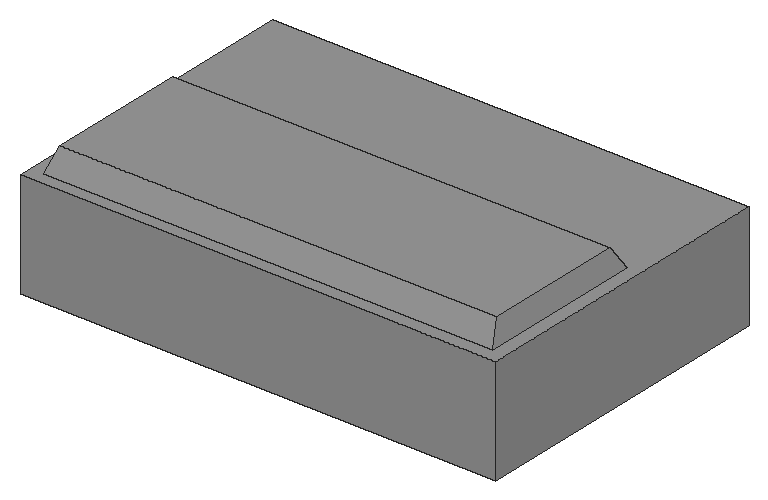
Revit family "ElectricalEquipment_Hager_Design10_TimeDelayedRCCB_12Way", category Electrical Equipment, host Face, Revit 2015
Parameters (values of type "VML712TG")
  _DistributedBy = "www.bimstore.co.uk"
  _CurrentRevision = 0
  _CreatedBy = "MajentaSolutions"
  _BimstoreBibleVersion = "V14"
  _BimSpecGuid = 0
  _Author = "MajentaSolutions"
  WarrantyStartDate [instance] = ""
  WarrantyGuarantorParts = "2"
  WarrantyGuarantorLabor = ""
  WarrantyDurationUnit = "Years"
  WarrantyDurationParts = 2
  WarrantyDurationLabor = 0
  WarrantyDescription = "See Manufacturer"
  Voltage = "230V"
  URL = "http://www.hager.co.uk/"
  TypeName = Category  # "ElectricalEquipment"
  Type Comments = Model  # "VML712TG"
  TagNumber [instance] = ""
  SustainabilityPerformance = ""
  Size = ""
  built-in parameter 1140080 [instance] = "16kA"
  Shape = "Rectangular"
  ServiceLifeDuration = 0
  SerialNumber [instance] = ""
  ReplacementCost = 0
  NominalWidth = 370 mm
  NominalLength = 246 mm
  NominalHeight = 100 mm
  NominalDepth = 0 mm
  Neutral Rating = 1  # 100.00%
  NBSReference = ClassificationValue  # "Pr_80_77_28_16"
  NBSOfficeMasterTag = "n/a"
  NBSObjectName = "Hager_RCCB_VML712TG"
  NBSNote = ""
  NBSDescription = Category  # "ElectricalEquipment"
  built-in parameter 1140081 [instance] = "ElectricalEquipment"
  ModelReference = ""
  ModelNumber = ""
  ModelLabel = ""
  Model = "VML712TG"
  built-in parameter 1140079 [instance] = (empty or 0)
  Material = "MildSteel,ABS,AcousticComposite"
  ManufacturerName = Manufacturer  # "Hager"
  Manufacturer = "Hager"
  Mains Type = "AC"
  Keynote = "V"
  InstallationDate [instance] = ""
  IfcExportType = ""
  IfcExportAs = "ElectricalEquipment"
  Grade = ""
  Finish = ""
  Features = Description  # "12Way_Conf_100A_100mA_TD_RCCB_+63A_30mA"
  ExpectedLife = 10
  EAN = "3250610841259"
  DurationUnit = "Years"
  DocumentationTechnical = "http://www.hager.co.uk/product-catalogue/energy-distribution/consumer-units/design-range-of-consumer-units/design-10/51386.htm"
  DocumentationMaintenance = ""
  DocumentationLiterature = "http://www.hager.co.uk/product-catalogue/energy-distribution/consumer-units/design-range-of-consumer-units/design-10/51386.htm"
  DocumentationInstallationGuide = ""
  DocumentationCertificates = ""
  Description = "12Way_Conf_100A_100mA_TD_RCCB_+63A_30mA"
  Default Elevation = 500 mm
  CreatedOn = "22.06.17"
  CreatedBy = "MajentaSolutions"
  Constituents = ""
  Colour = "RAL 9010 White Gloss"
  CodePerformance = ""
  ClassificationValue = "Pr_80_77_28_16"
  ClassificationName = "Uniclass2015"
  Category = "ElectricalEquipment"
  BarCode [instance] = ""
  BIMObjectName = "Hager_ElectricalEquipment_RCCB_VML712TG"
  AssetType = "Fixed"
  AssetIdentifier [instance] = ""
  Assembly Code = "D5010"
  AccessibilityPerformance = ""
Reference planes
  plane 1 "Center (Front/Back)": y = 0
  plane 2: z = 0
  plane 3 "Center (Left/Right)": x = 0
  plane 4: x = 185
  plane 5: x = -185
  plane 6: y = -123
  plane 7: y = 123
  plane 8: z = 83
  plane 9: z = 100
  plane 10: y = 17.016
  plane 11: x = -30
  plane 12: x = 30
Forms (mm)
  Extrusion 1, solid, material "MildSteel,ABS,AcousticComposite", detail levels medium+fine
    sketch origin (0, 0, 0) x (1, 0, 0) y (0, 1, 0)
      loop
        line (-185, 123) -> (-185, -123) -> (185, -123) -> (185, 123) -> (-185, 123)
    from 0 to 83
  Blend 2, solid, material "MildSteel,ABS,AcousticComposite", detail levels fine
    base sketch origin (0, 0, 0) x (1, 0, 0) y (0, 1, 0)
      loop
        line (-175, 17.016) -> (-175, -113) -> (175, -113) -> (175, 17.016) -> (-175, 17.016)
    top sketch origin (0, 0, 0) x (1, 0, 0) y (0, 1, 0)
      loop
        line (170, 7.016) -> (-170, 7.016) -> (-170, -103) -> (170, -103) -> (170, 7.016)
    from 83 to 100
  Extrusion 3, solid
    sketch origin (-27.984, -2.984, 0) x (0, 1, 0) y (-1, 0, 0)
      loop
        circle (-30, 17.016) r 5
      loop
        circle (30, 17.016) r 5
    from 0 to -1
  Extrusion 4, solid
    sketch origin (-57.984, -2.984, 0) x (0, 1, 0) y (-1, 0, 0)
      loop
        circle (-30, 17.016) r 5
      loop
        circle (30, 17.016) r 5
    from 0 to -1
  Extrusion 5, solid
    sketch origin (2.016, -2.984, 0) x (0, 1, 0) y (-1, 0, 0)
      loop
        circle (-30, 17.016) r 5
      loop
        circle (30, 17.016) r 5
    from 0 to -1
  Extrusion 6, solid
    sketch origin (32.016, -2.984, 0) x (0, 1, 0) y (-1, 0, 0)
      loop
        circle (-30, 17.016) r 5
      loop
        circle (30, 17.016) r 5
    from 0 to -1
  Extrusion 7, solid
    sketch origin (62.016, -2.984, 0) x (0, 1, 0) y (-1, 0, 0)
      loop
        circle (-30, 17.016) r 5
      loop
        circle (30, 17.016) r 5
    from 0 to -1
  Extrusion 8, solid
    sketch origin (92.016, -2.984, 0) x (0, 1, 0) y (-1, 0, 0)
      loop
        circle (-30, 17.016) r 5
      loop
        circle (30, 17.016) r 5
    from 0 to -1
Lines and regions (mm)
  reference lines
    curve 1: line (-175, 24.616, 0) -> (-175, -113, 0)
    curve 2: line (-175, -113, 0) -> (175, -113, 0)
    curve 3: line (175, -113, 0) -> (175, 29.616, 0)
    curve 12: line (-170, 7.016, 0) -> (-170, -103, 0)
    curve 13: line (-170, -103, 0) -> (170, -103, 0)
    curve 14: line (170, -103, 0) -> (170, 7.016, 0)
    curve 15: line (170, 7.016, 0) -> (-170, 7.016, 0)
  model lines
    curve 4: line (-185, 123, 0) -> (-185, -123, 0)
    curve 5: line (185, 123, 0) -> (185, -123, 0)
    curve 6: line (185, -123, 0) -> (-185, -123, 0)
    curve 7: line (185, 123, 0) -> (-185, 123, 0)
    curve 8: line (-175, 17.016, 0) -> (-175, -113, 0)
    curve 9: line (-175, 17.016, 0) -> (175, 17.016, 0)
    curve 10: line (175, -113, 0) -> (175, 17.016, 0)
    curve 11: line (-175, -113, 0) -> (175, -113, 0)
Dimensions and locks
  equal spacing: plane 5, plane 3 "Center (Left/Right)", plane 4
  "NominalWidth": plane 5 to plane 4
  equal spacing: plane 6, plane 1 "Center (Front/Back)", plane 7
  "NominalLength": plane 6 to plane 7
  "NominalHeight": plane 9 to plane 2
  locked: curve 3 to plane 4 at 10
  locked: plane 5 to curve 1 at 10
  locked: plane 6 to curve 2 at 10
  plane 9 to plane 8 = 17 mm
  aligned and locked: plane 2 to host face
  aligned and locked: level to host face
  aligned and locked: Extrusion 1 sketch curve to plane 5
  aligned and locked: Extrusion 1 sketch curve to plane 6
  aligned and locked: Extrusion 1 sketch curve to plane 4
  aligned and locked: Extrusion 1 sketch curve to plane 7
  aligned and locked: plane 8 to Extrusion 1
  aligned and locked: curve 4 to plane 5
  aligned and locked: curve 5 to plane 4
  aligned and locked: curve 6 to plane 6
  aligned and locked: curve 7 to plane 7
  aligned and locked: curve 1 to curve 8
  aligned and locked: curve 9 to plane 10
  aligned and locked: curve 10 to curve 3
  aligned and locked: curve 11 to curve 2
  aligned and locked: curve 1 to Blend 2 sketch curve
  aligned and locked: Blend 2 sketch curve to curve 2
  aligned and locked: Blend 2 sketch curve to curve 10
  aligned and locked: Blend 2 sketch curve to plane 10
  aligned and locked: Blend 2 sketch curve to curve 15
  aligned and locked: Blend 2 sketch curve to curve 12
  aligned and locked: Blend 2 sketch curve to curve 13
  aligned and locked: Blend 2 sketch curve to curve 14
  aligned and locked: Blend 2 to plane 8
  aligned and locked: plane 9 to Blend 2
  aligned and locked: Blend 2 to Extrusion 1
Automatic sketch dimensions
  host sketch curve to host sketch curve = 2438.4 mm  (x2)
  plane 10 to curve 1 = 7.601 mm
  plane 10 to curve 3 = 12.601 mm
  plane 5 to curve 12 = 15 mm
  curve 14 to plane 1 "Center (Front/Back)" = 7.016 mm
  curve 14 to plane 4 = 15 mm
  curve 14 to plane 6 = 20 mm
  Extrusion 3 sketch curve to plane 11 = 15 mm  (x2)
  plane 1 "Center (Front/Back)" to Extrusion 3 sketch curve = 32.984 mm
  Extrusion 3 sketch curve to plane 1 "Center (Front/Back)" = 27.016 mm
  plane 1 "Center (Front/Back)" to Extrusion 4 sketch curve = 32.984 mm
  Extrusion 4 sketch curve to plane 1 "Center (Front/Back)" = 27.016 mm
  Extrusion 4 sketch curve to plane 11 = 45 mm  (x2)
  Extrusion 5 sketch curve to plane 3 "Center (Left/Right)" = 15 mm  (x2)
  plane 1 "Center (Front/Back)" to Extrusion 5 sketch curve = 32.984 mm
  Extrusion 5 sketch curve to plane 1 "Center (Front/Back)" = 27.016 mm
  plane 3 "Center (Left/Right)" to Extrusion 6 sketch curve = 15 mm  (x2)
  plane 1 "Center (Front/Back)" to Extrusion 6 sketch curve = 32.984 mm
  Extrusion 6 sketch curve to plane 1 "Center (Front/Back)" = 27.016 mm
  plane 12 to Extrusion 7 sketch curve = 15 mm  (x2)
  plane 1 "Center (Front/Back)" to Extrusion 7 sketch curve = 32.984 mm
  Extrusion 7 sketch curve to plane 1 "Center (Front/Back)" = 27.016 mm
  plane 1 "Center (Front/Back)" to Extrusion 8 sketch curve = 32.984 mm
  Extrusion 8 sketch curve to plane 1 "Center (Front/Back)" = 27.016 mm
  plane 12 to Extrusion 8 sketch curve = 45 mm  (x2)
  radius of Extrusion 3 sketch curve = 5 mm  (x2)
  radius of Extrusion 4 sketch curve = 5 mm  (x2)
  radius of Extrusion 5 sketch curve = 5 mm  (x2)
  radius of Extrusion 6 sketch curve = 5 mm  (x2)
  radius of Extrusion 7 sketch curve = 5 mm  (x2)
  radius of Extrusion 8 sketch curve = 5 mm  (x2)
Connectors
  electrical at (-45, -32.984, -1)
    settings: on Extrusion 3, index 2, voltage 230 V, apparent load 0 VA, apparent load phase1 0 VA, apparent load phase2 0 VA, apparent load phase3 0 VA, power factor 1, load classification "Other", number of poles 1, system type 30, power factor state 1, is connector primary yes, connector utility no, sub classification motor no, connector description ""
  electrical at (-45, 27.016, -1)
    settings: on Extrusion 3, index 3, voltage 230 V, apparent load 0 VA, apparent load phase1 0 VA, apparent load phase2 0 VA, apparent load phase3 0 VA, power factor 1, load classification "Other", number of poles 1, system type 30, power factor state 1, is connector primary no, connector utility no, sub classification motor no, connector description ""
  electrical at (-75, -32.984, -1)
    settings: on Extrusion 4, index 4, voltage 230 V, apparent load 0 VA, apparent load phase1 0 VA, apparent load phase2 0 VA, apparent load phase3 0 VA, power factor 1, load classification "Other", number of poles 1, system type 30, power factor state 1, is connector primary no, connector utility no, sub classification motor no, connector description ""
  electrical at (-75, 27.016, -1)
    settings: on Extrusion 4, index 5, voltage 230 V, apparent load 0 VA, apparent load phase1 0 VA, apparent load phase2 0 VA, apparent load phase3 0 VA, power factor 1, load classification "Other", number of poles 1, system type 30, power factor state 1, is connector primary no, connector utility no, sub classification motor no, connector description ""
  electrical at (-15, -32.984, -1)
    settings: on Extrusion 5, index 6, voltage 230 V, apparent load 0 VA, apparent load phase1 0 VA, apparent load phase2 0 VA, apparent load phase3 0 VA, power factor 1, load classification "Other", number of poles 1, system type 30, power factor state 1, is connector primary no, connector utility no, sub classification motor no, connector description ""
  electrical at (-15, 27.016, -1)
    settings: on Extrusion 5, index 7, voltage 230 V, apparent load 0 VA, apparent load phase1 0 VA, apparent load phase2 0 VA, apparent load phase3 0 VA, power factor 1, load classification "Other", number of poles 1, system type 30, power factor state 1, is connector primary no, connector utility no, sub classification motor no, connector description ""
  electrical at (15, -32.984, -1)
    settings: on Extrusion 6, index 8, voltage 230 V, apparent load 0 VA, apparent load phase1 0 VA, apparent load phase2 0 VA, apparent load phase3 0 VA, power factor 1, load classification "Other", number of poles 1, system type 30, power factor state 1, is connector primary no, connector utility no, sub classification motor no, connector description ""
  electrical at (15, 27.016, -1)
    settings: on Extrusion 6, index 9, voltage 230 V, apparent load 0 VA, apparent load phase1 0 VA, apparent load phase2 0 VA, apparent load phase3 0 VA, power factor 1, load classification "Other", number of poles 1, system type 30, power factor state 1, is connector primary no, connector utility no, sub classification motor no, connector description ""
  electrical at (45, -32.984, -1)
    settings: on Extrusion 7, index 10, voltage 230 V, apparent load 0 VA, apparent load phase1 0 VA, apparent load phase2 0 VA, apparent load phase3 0 VA, power factor 1, load classification "Other", number of poles 1, system type 30, power factor state 1, is connector primary no, connector utility no, sub classification motor no, connector description ""
  electrical at (45, 27.016, -1)
    settings: on Extrusion 7, index 11, voltage 230 V, apparent load 0 VA, apparent load phase1 0 VA, apparent load phase2 0 VA, apparent load phase3 0 VA, power factor 1, load classification "Other", number of poles 1, system type 30, power factor state 1, is connector primary no, connector utility no, sub classification motor no, connector description ""
  electrical at (75, -32.984, -1)
    settings: on Extrusion 8, index 14, voltage 230 V, apparent load 0 VA, apparent load phase1 0 VA, apparent load phase2 0 VA, apparent load phase3 0 VA, power factor 1, load classification "Other", number of poles 1, system type 30, power factor state 1, is connector primary no, connector utility no, sub classification motor no, connector description ""
  electrical at (75, 27.016, -1)
    settings: on Extrusion 8, index 15, voltage 230 V, apparent load 0 VA, apparent load phase1 0 VA, apparent load phase2 0 VA, apparent load phase3 0 VA, power factor 1, load classification "Other", number of poles 1, system type 30, power factor state 1, is connector primary no, connector utility no, sub classification motor no, connector description ""
